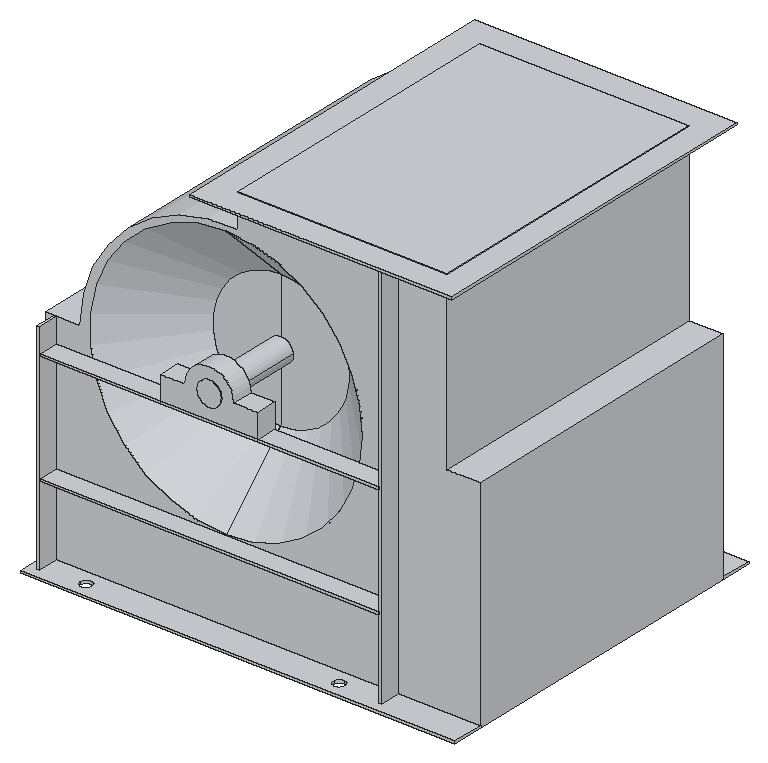
Revit family "CA_DWDI_CCW_UBD", category Mechanical Equipment, Revit 2019
Family settings
  Round Connector Dimension = Use Radius
  Part Type = Normal
  Work Plane-Based = No
  Always vertical = Yes
  Cut with Voids When Loaded = No
  Shared = No
  Room Calculation Point = No
Parameters (values of type "120_CA-DWDI_CCW_UBD_CLASS_1")
  X/2 = X / 2  # 0' - 10 31/32"
  X = 1' - 9 15/16"
  W/2 = W / 2  # 0' - 0 11/32"
  W = 0' - 0 11/16"
  V = 1' - 6"
  Unit Weight [instance] = ""
  U = 0' - 7 1/2"
  T = 0' - 9 31/32"
  Sones [instance] = ""
  S = 1' - 7 15/16"
  R/2 = R / 2  # 0' - 0 23/32"
  R+R = R + R  # 0' - 2 7/8"
  R = 0' - 1 7/16"
  P-N-M = P - N - M  # 0' - 1 1/4"
  P-N = -(P - N)  # -1' - 10 15/16"
  P = 2' - 4 11/16"
  N = 0' - 5 3/4"
  Motor RPM [instance] = ""
  Motor Enclosure [instance] = ""
  ModelID [instance] = ""
  M/2 = M / 2  # 0' - 10 27/32"
  M = 1' - 9 11/16"
  LwA [instance] = ""
  L = M / 2  # 0' - 10 27/32"
  K = 0' - 2"
  J = 0' - 10 11/16"
  INLET/2 = INLET / 2  # 0' - 8 1/16"
  INLET = 1' - 4 1/8"
  H = 2' - 1 3/4"
  G/5*3 = INLET / 2  # 0' - 8 1/16"
  G/10*3 = INLET / 4  # 0' - 4 1/32"
  G-2.5" = G - R  # 0' - 11 9/16"
  G-(G/5*3) = G - (INLET / 2)  # 0' - 4 15/16"
  G+((G/5*3)+2") = G + ((INLET / 2) + 0' 2")  # 1' - 11 1/16"
  G = 1' - 1"
  Fan RPM [instance] = ""
  F-.125" = F - 0' 0 1/8"  # 1' - 11 1/4"
  F-((D-A)/2) = F - ((D - A) / 2)  # 1' - 9 11/16"
  F = 1' - 11 3/8"
  E/2 = E / 2  # 0' - 10 17/32"
  E = 1' - 9 1/16"
  D/2 = D / 2  # 0' - 7 3/4"
  D = 1' - 3 1/2"
  B/2 = B / 2  # 0' - 8 27/32"
  B+.25" = B + 0' 0 1/4"  # 1' - 5 15/16"
  B = 1' - 5 11/16"
  Accessories [instance] = ""
  A/2 = A / 2  # 0' - 6 1/16"
  A+.25" = A + 0' 0 1/4"  # 1' - 0 3/8"
  A = 1' - 0 1/8"
  3" = 0' - 3"  # constant formula
  Brake Hp [instance] = ""
  4" = 0' - 4"  # constant formula
  2' = 2' - 0"
  2" = 0' - 2"  # constant formula
  1" = 0' - 1"  # constant formula
  0 = 0' - 0"  # constant formula
  Voltage [instance] = 0 V
  URL = "www.lorencook.com"
  Type Comments = "Airfoil Centrifugal Blower Counter-Clockwise Up Blast Arrangement 3 Class 1"
  Static Pressure [instance] = 0.00 in-wg
  Power [instance] = Voltage * Motor FLA * sqrt(if(Phase = 3, 3, 1))  # 0 VA
  Phase [instance] = 0
  Number of Poles [instance] = 1
  Motor Hp [instance] = "0"
  Motor FLA [instance] = 0 A
  Model = "CA DWDI"  # constant formula
  Manufacturer = "Loren Cook Company"
  CFM [instance] = 0 CFM
  1.5 = 0' - 1 1/2"  # constant formula
  ONE EIGTH = 0' - 0 1/8"  # constant formula
  -P = -P  # -2' - 4 11/16"
  -((B+.25")/2) = -((B + 0' 0 1/4") / 2)  # -0' - 8 31/32"
  (M-(B+.25"))/2 = (M - (B + 0' 0 1/4")) / 2  # 0' - 1 7/8"
  (G/5*3)+2" = (INLET / 2) + 0' 2"  # 0' - 10 1/16"
  (D-A-.25)/2 = (D - A - 0' 0 1/4") / 2  # 0' - 1 9/16"
  ((B+.25")/2) = ((B + 0' 0 1/4") / 2)  # 0' - 8 31/32"
Reference planes (in)
  plane 1 "Center (Front/Back)": y = 0
  plane 2: z = 0
  plane 3 "Center (Left/Right)": x = 0.40541
Forms (in)
  Extrusion 1, solid
    sketch origin (0, 0, 0) x (1, 0, 0) y (0, 0, 1)
      loop
        line (15.46791, 0) -> (15.46791, 13) -> (13.46791, 13) -> (13.46791, 23.375) -> (1.09291, 23.375) -> (1.09291, 21.375)
        arc (1.09291, 21.375) -> (-5.38554, 19.1923) -> (-8.28209, 13) r 8.69234
        line (-8.28209, 13) -> (-10.28209, 13) -> (-10.28209, 0) -> (15.46791, 0)
    from -8.96875 <- "-((B+.25")/2)" to 8.96875 <- "((B+.25")/2)"
  Revolve 2, void
    sketch origin (0.40541, 0, 0) x (0, 1, 0) y (0, 0, 1)
      loop
        line (8.96875, 21.0625) -> (4.9375, 17.03125) -> (4.9375, 13) -> (8.96875, 13) -> (8.96875, 21.0625)
      loop
        line (-8.96875, 21.0625) -> (-8.96875, 13) -> (-4.9375, 13) -> (-4.9375, 17.03125) -> (-8.96875, 21.0625)
      axis (8.96875, 13) -> (-8.96875, 13)
    angle from 0 to 360
  Extrusion 3, solid
    sketch origin (0, 0, 0) x (1, 0, 0) y (0, 1, 0)
      loop
        line (15.46791, 10.84375) -> (-10.28209, 10.84375) -> (-10.28209, 8.96875) -> (15.46791, 8.96875) -> (15.46791, 10.84375)
      loop
        line (-10.28209, -10.84375) -> (15.46791, -10.84375) -> (15.46791, -8.96875) -> (-10.28209, -8.96875) -> (-10.28209, -10.84375)
    from 0 to 0.125
  Extrusion 4, void
    sketch origin (0, 0, 0) x (1, 0, 0) y (0, 1, 0)
      loop
        circle (7.90541, 9.96875) r 0.34375
      loop
        circle (-7.09459, 9.96875) r 0.34375
      loop
        circle (-7.09459, -9.96875) r 0.34375
      loop
        circle (7.90541, -9.96875) r 0.34375
      loop
        circle (25.90541, 9.96875) r 0.34375
      loop
        circle (25.90541, -9.96875) r 0.34375
    from 0 to 0.125
  Extrusion 5, solid
    sketch origin (0, -10.21875, 0) x (1, 0, 0) y (0, 0, 1)
      loop
        circle (0.40541, 13) r 0.71875
    from 0 <- "0" to -28.6875 <- "-P"
  Extrusion 6, solid
    sketch origin (0, -8.96875, 0) x (1, 0, 0) y (0, 0, 1)
      loop
        line (10.46791, 23.25) -> (10.46791, 0) -> (10.59291, 0) -> (10.59291, 23.25) -> (10.46791, 23.25)
      loop
        line (-9.65709, 0) -> (-9.65709, 13) -> (-9.78209, 13) -> (-9.78209, 0) -> (-9.65709, 0)
    from 0 to 1.25 <- "P-N-M"
  Extrusion 7, solid
    sketch origin (0, -8.96875, 0) x (1, 0, 0) y (0, 0, 1)
      loop
        line (-9.65709, 4.9375) -> (-9.65709, 4.8125) -> (10.46791, 4.8125) -> (10.46791, 4.9375) -> (-9.65709, 4.9375)
      loop
        line (10.46791, 11.5625) -> (-9.65709, 11.5625) -> (-9.65709, 11.4375) -> (10.46791, 11.4375) -> (10.46791, 11.5625)
    from 0 to 1.25 <- "P-N-M"
  Extrusion 8, solid
    sketch origin (0, -8.96875, 0) x (1, 0, 0) y (0, 0, 1)
      loop
        arc (1.84291, 13) -> (0.40541, 14.4375) -> (-1.03209, 13) r 1.4375
        line (-1.03209, 13) -> (-2.46959, 13) -> (-2.46959, 11.5625) -> (3.28041, 11.5625) -> (3.28041, 13) -> (1.84291, 13)
    from 0 to 1.25 <- "P-N-M"
  Extrusion 9, solid
    sketch origin (0, 8.96875, 0) x (-1, 0, 0) y (0, 0, 1)
      loop
        line (-10.46791, 0.125) -> (-10.46791, 23.25) -> (-10.59291, 23.25) -> (-10.59291, 0.125) -> (-10.46791, 0.125)
      loop
        line (9.65709, 13) -> (9.65709, 0.125) -> (9.78209, 0.125) -> (9.78209, 13) -> (9.65709, 13)
    from 0 to 1.25 <- "P-N-M"
  Extrusion 10, solid
    sketch origin (0, 8.96875, 0) x (-1, 0, 0) y (0, 0, 1)
      loop
        line (9.65709, 11.5625) -> (-10.46791, 11.5625) -> (-10.46791, 11.4375) -> (9.65709, 11.4375) -> (9.65709, 11.5625)
      loop
        line (-10.46791, 4.9375) -> (-10.46791, 4.8125) -> (9.65709, 4.8125) -> (9.65709, 4.9375) -> (-10.46791, 4.9375)
    from 0 to 1.25 <- "P-N-M"
  Extrusion 11, solid
    sketch origin (0, 8.96875, 0) x (-1, 0, 0) y (0, 0, 1)
      loop
        arc (1.03209, 13) -> (-0.40541, 14.4375) -> (-1.84291, 13) r 1.4375
        line (-1.84291, 13) -> (-3.28041, 13) -> (-3.28041, 11.5625) -> (2.46959, 11.5625) -> (2.46959, 13) -> (1.03209, 13)
    from 0 to 1.25 <- "P-N-M"
  Extrusion 12, solid
    sketch origin (13.46791, 0, 23.375) x (-1, 0, 0) y (0, -1, 0)
      loop
        line (13.9375, -10.53125) -> (13.9375, 10.53125) -> (-1.5625, 10.53125) -> (-1.5625, -10.53125) -> (13.9375, -10.53125)
    from 0 to -0.125
Cuts and joins
  Revolve 2, Extrusion 4 cuts Extrusion 1
  Extrusion 4 cuts Extrusion 3
Dimensions and locks (in)
  "0": Extrusion 1 to Revolve 2 sketch curve
  "0": Revolve 2 sketch curve to Extrusion 1
  "G": level to Revolve 2 sketch curve
  "G": Revolve 2 sketch curve to level  (x2)
  "G/10*3": Revolve 2 sketch curve to Revolve 2 sketch curve  (x4)
  "0": cut or joined group of Extrusion 1, Revolve 2, Extrusion 4 to Extrusion 3 sketch curve  (x3)
  "0": Extrusion 3 sketch curve to cut or joined group of Extrusion 1, Revolve 2, Extrusion 4  (x3)
  "M/2": Extrusion 3 sketch curve to plane 1 "Center (Front/Back)"
  "M/2": plane 1 "Center (Front/Back)" to Extrusion 3 sketch curve
  "T": plane 1 "Center (Front/Back)" to Extrusion 4 sketch curve  (x3)
  "T": Extrusion 4 sketch curve to plane 1 "Center (Front/Back)"  (x3)
  "U": Extrusion 4 sketch curve to plane 3 "Center (Left/Right)"  (x2)
  "U": plane 3 "Center (Left/Right)" to Extrusion 4 sketch curve  (x2)
  "G": Extrusion 5 sketch curve to level
  "0": Extrusion 5 sketch curve to plane 3 "Center (Left/Right)"
  "0": Extrusion 6 sketch curve to level  (x2)
  "ONE EIGTH": Extrusion 6 sketch curve to Extrusion 6 sketch curve  (x2)
  "(G/5*3)+2"": Extrusion 6 sketch curve to plane 3 "Center (Left/Right)"
  "(G/5*3)+2"": plane 3 "Center (Left/Right)" to Extrusion 6 sketch curve
  "G": Extrusion 6 sketch curve to level
  "(G/5*3)+2"": Extrusion 7 sketch curve to plane 3 "Center (Left/Right)"  (x2)
  "(G/5*3)+2"": plane 3 "Center (Left/Right)" to Extrusion 7 sketch curve  (x2)
  "ONE EIGTH": Extrusion 7 sketch curve to Extrusion 7 sketch curve  (x2)
  "G-(G/5*3)": Extrusion 7 sketch curve to level
  "G-2.5"": Extrusion 7 sketch curve to level
  "R+R": plane 3 "Center (Left/Right)" to Extrusion 8 sketch curve
  "R+R": Extrusion 8 sketch curve to plane 3 "Center (Left/Right)"
  "0": Extrusion 8 sketch curve to plane 3 "Center (Left/Right)"
  "G": Extrusion 8 sketch curve to cut or joined group of Extrusion 3, Extrusion 4
  "0": Extrusion 8 sketch curve to Extrusion 8 sketch curve  (x2)
  "0": Extrusion 8 sketch curve to Extrusion 7
  "ONE EIGTH": level to Extrusion 9 sketch curve  (x2)
  "0": Extrusion 9 sketch curve to Extrusion 6
  "ONE EIGTH": Extrusion 9 sketch curve to Extrusion 9 sketch curve  (x2)
  "(G/5*3)+2"": Extrusion 9 sketch curve to plane 3 "Center (Left/Right)"
  "(G/5*3)+2"": plane 3 "Center (Left/Right)" to Extrusion 9 sketch curve
  "(G/5*3)+2"": Extrusion 10 sketch curve to plane 3 "Center (Left/Right)"  (x2)
  "(G/5*3)+2"": plane 3 "Center (Left/Right)" to Extrusion 10 sketch curve  (x2)
  "ONE EIGTH": Extrusion 10 sketch curve to Extrusion 10 sketch curve  (x2)
  "0": Extrusion 7 to Extrusion 10 sketch curve  (x2)
  "0": Extrusion 11 sketch curve to Extrusion 10
  "G": level to Extrusion 11 sketch curve  (x3)
  "R+R": plane 3 "Center (Left/Right)" to Extrusion 11 sketch curve
  "R+R": Extrusion 11 sketch curve to plane 3 "Center (Left/Right)"
  "0": Extrusion 11 sketch curve to plane 3 "Center (Left/Right)"
  "INLET/2": Revolve 2 sketch curve to Revolve 2 sketch curve  (x2)
  "F-.125"": Extrusion 6 sketch curve to level
  "H": Extrusion 1 sketch curve to Extrusion 1 sketch curve
  "G": Extrusion 1 sketch curve to level  (x2)
  "K": Extrusion 1 sketch curve to Extrusion 1 sketch curve  (x2)
  "0": Extrusion 1 sketch curve to level
  "J": Extrusion 1 sketch curve to plane 3 "Center (Left/Right)"
  "F": Extrusion 1 sketch curve to level
  "A+.25"": Extrusion 1 sketch curve to Extrusion 1 sketch curve
  "2"": Extrusion 1 sketch curve to Extrusion 1 sketch curve
  "0": Extrusion 1 sketch curve to plane 3 "Center (Left/Right)"
  "E/2": plane 1 "Center (Front/Back)" to Extrusion 12 sketch curve
  "E/2": Extrusion 12 sketch curve to plane 1 "Center (Front/Back)"
  "D": Extrusion 12 sketch curve to Extrusion 12 sketch curve
  "(D-A-.25)/2": Extrusion 12 sketch curve to cut or joined group of Extrusion 1, Revolve 2, Extrusion 4
  "V": Extrusion 4 sketch curve to Extrusion 4 sketch curve  (x2)
  "G": Extrusion 9 sketch curve to level
  "W/2": radius of Extrusion 4 sketch curve  (x6)
  "R/2": radius of Extrusion 5 sketch curve
  "R": radius of Extrusion 8 sketch curve
  "R": radius of Extrusion 11 sketch curve
Automatic sketch dimensions
  Extrusion 8 sketch curve to Extrusion 8 sketch curve = 0' - 0"
  plane 1 "Center (Front/Back)" to Revolve 2 sketch curve = 0' - 3.84814"
  Revolve 2 sketch curve to Revolve 2 sketch curve = 0' - 0"
Connectors (in)
  hvac at (7.28041, 0, 23.25), driven by "B", driven by "A"
    settings: on Extrusion 12, index 4, duct flow 0 CFM, flow factor 0, pres drop 0.00 in-wg, loss coef 0, conn angle 0.00°, conn width 12 1/8", conn height 17 11/16", conn diameter 24", duct sys type 29, conn prof type 1, flow config 0, flow direction 2, loss method 0, conn ref index -1, conn util no, is conn primary yes, conn desc ""
  hvac at (0.40541, 8.96875, 13), driven by "INLET/2"
    settings: on cut or joined group of Extrusion 1, Revolve 2, Extrusion 4, index 5, duct flow 0 CFM, flow factor 0, pres drop 0.00 in-wg, loss coef 0, conn angle 0.00°, conn width 12", conn height 12", conn diameter 16 1/8", duct sys type 29, conn prof type 0, flow config 0, flow direction 1, loss method 0, conn ref index -1, conn util no, is conn primary no, conn desc ""
  hvac at (0.40541, -8.96875, 13), driven by "INLET/2"
    settings: on cut or joined group of Extrusion 1, Revolve 2, Extrusion 4, index 6, duct flow 0 CFM, flow factor 0, pres drop 0.00 in-wg, loss coef 0, conn angle 0.00°, conn width 12", conn height 12", conn diameter 16 1/8", duct sys type 29, conn prof type 0, flow config 0, flow direction 1, loss method 0, conn ref index -1, conn util no, is conn primary no, conn desc ""
Types (61): name | X/2 | X | W/2 | W | V | U | T | S | R/2 | R+R | R | P-N-M | P-N | P | N | M/2 | M | L | K | J | INLET/2 | INLET | H | G/5*3 | G/10*3 | G-2.5" | G-(G/5*3) | G+((G/5*3)+2") | G | F-.125" | F-((D-A)/2) | F | E/2 | E | D/2 | D | B/2 | B+.25" | B | A/2 | A+.25" | A | Type Comments | -P | -((B+.25")/2) | (M-(B+.25"))/2 | (G/5*3)+2" | (D-A-.25)/2 | ((B+.25")/2)
  (no name) | 0' - 10 31/32" | 1' - 9 15/16" | 0' - 0 11/32" | 0' - 0 11/16" | 1' - 6" | 0' - 7 1/2" | 0' - 9 31/32" | 1' - 7 15/16" | 0' - 0 23/32" | 0' - 2 7/8" | 0' - 1 7/16" | 0' - 1 1/4" | -1' - 10 15/16" | 2' - 4 11/16" | 0' - 5 3/4" | 0' - 10 27/32" | 1' - 9 11/16" | 0' - 10 27/32" | 0' - 2" | 0' - 10 11/16" | 0' - 8 1/16" | 1' - 4 1/8" | 2' - 1 3/4" | 0' - 8 1/16" | 0' - 4 1/32" | 0' - 11 9/16" | 0' - 4 15/16" | 1' - 11 1/16" | 1' - 1" | 1' - 11 1/4" | 1' - 9 11/16" | 1' - 11 3/8" | 0' - 10 17/32" | 1' - 9 1/16" | 0' - 7 3/4" | 1' - 3 1/2" | 0' - 8 27/32" | 1' - 5 15/16" | 1' - 5 11/16" | 0' - 6 1/16" | 1' - 0 3/8" | 1' - 0 1/8" | "Airfoil Centrifugal Blower Counter-Clockwise Up Blast Arrangement 3 Class 1" | -2' - 4 11/16" | -0' - 8 31/32" | 0' - 1 7/8" | 0' - 10 1/16" | 0' - 1 9/16" | 0' - 8 31/32"
  120_CA-DWDI_CCW_UBD_CLASS_1 | 0' - 10 31/32" | 1' - 9 15/16" | 0' - 0 11/32" | 0' - 0 11/16" | 1' - 6" | 0' - 7 1/2" | 0' - 9 31/32" | 1' - 7 15/16" | 0' - 0 23/32" | 0' - 2 7/8" | 0' - 1 7/16" | 0' - 1 1/4" | -1' - 10 15/16" | 2' - 4 11/16" | 0' - 5 3/4" | 0' - 10 27/32" | 1' - 9 11/16" | 0' - 10 27/32" | 0' - 2" | 0' - 10 11/16" | 0' - 8 1/16" | 1' - 4 1/8" | 2' - 1 3/4" | 0' - 8 1/16" | 0' - 4 1/32" | 0' - 11 9/16" | 0' - 4 15/16" | 1' - 11 1/16" | 1' - 1" | 1' - 11 1/4" | 1' - 9 11/16" | 1' - 11 3/8" | 0' - 10 17/32" | 1' - 9 1/16" | 0' - 7 3/4" | 1' - 3 1/2" | 0' - 8 27/32" | 1' - 5 15/16" | 1' - 5 11/16" | 0' - 6 1/16" | 1' - 0 3/8" | 1' - 0 1/8" | "Airfoil Centrifugal Blower Counter-Clockwise Up Blast Arrangement 3 Class 1" | -2' - 4 11/16" | -0' - 8 31/32" | 0' - 1 7/8" | 0' - 10 1/16" | 0' - 1 9/16" | 0' - 8 31/32"
  135_CA-DWDI_CCW_UBD_CLASS_1 | 1' - 0 3/32" | 2' - 0 3/16" | 0' - 0 11/32" | 0' - 0 11/16" | 1' - 6" | 0' - 8 1/2" | 0' - 11 3/32" | 1' - 10 3/16" | 0' - 0 23/32" | 0' - 2 7/8" | 0' - 1 7/16" | 0' - 1 1/4" | -2' - 1 3/16" | 2' - 6 15/16" | 0' - 5 3/4" | 0' - 11 31/32" | 1' - 11 15/16" | 0' - 11 31/32" | 0' - 2" | 1' - 0 1/16" | 0' - 8 13/16" | 1' - 5 5/8" | 2' - 4 3/4" | 0' - 8 13/16" | 0' - 4 13/32" | 1' - 0 9/16" | 0' - 5 3/16" | 2' - 0 13/16" | 1' - 2" | 2' - 1 1/2" | 1' - 11 15/16" | 2' - 1 5/8" | 0' - 11 21/32" | 1' - 11 5/16" | 0' - 8 1/2" | 1' - 5" | 0' - 9 31/32" | 1' - 8 3/16" | 1' - 7 15/16" | 0' - 6 13/16" | 1' - 1 7/8" | 1' - 1 5/8" | "Airfoil Centrifugal Blower Counter-Clockwise Up Blast Arrangement 3 Class 1" | -2' - 6 15/16" | -0' - 10 3/32" | 0' - 1 7/8" | 0' - 10 13/16" | 0' - 1 9/16" | 0' - 10 3/32"
  150_CA-DWDI_CCW_UBD_CLASS_1 | 1' - 1 1/8" | 2' - 2 1/4" | 0' - 0 11/32" | 0' - 0 11/16" | 1' - 6" | 0' - 9" | 1' - 0 1/8" | 2' - 0 1/4" | 0' - 0 27/32" | 0' - 3 3/8" | 0' - 1 11/16" | 0' - 1 5/8" | -2' - 3 5/8" | 2' - 10 1/4" | 0' - 6 5/8" | 1' - 1" | 2' - 2" | 1' - 1" | 0' - 2" | 1' - 1 5/16" | 0' - 9 9/16" | 1' - 7 1/8" | 2' - 7 5/8" | 0' - 9 9/16" | 0' - 4 25/32" | 1' - 1 5/16" | 0' - 5 7/16" | 2' - 2 9/16" | 1' - 3" | 2' - 3 13/16" | 2' - 2 1/4" | 2' - 3 15/16" | 1' - 0 11/16" | 2' - 1 3/8" | 0' - 9 5/16" | 1' - 6 5/8" | 0' - 11" | 1' - 10 1/4" | 1' - 10" | 0' - 7 5/8" | 1' - 3 1/2" | 1' - 3 1/4" | "Airfoil Centrifugal Blower Counter-Clockwise Up Blast Arrangement 3 Class 1" | -2' - 10 1/4" | -0' - 11 1/8" | 0' - 1 7/8" | 0' - 11 9/16" | 0' - 1 9/16" | 0' - 11 1/8"
  165_CA-DWDI_CCW_UBD_CLASS_1 | 1' - 2 1/8" | 2' - 4 1/4" | 0' - 0 11/32" | 0' - 0 11/16" | 1' - 6" | 0' - 10" | 1' - 1 1/8" | 2' - 2 1/4" | 0' - 0 27/32" | 0' - 3 3/8" | 0' - 1 11/16" | 0' - 1 5/8" | -2' - 5 5/8" | 3' - 0 1/4" | 0' - 6 5/8" | 1' - 2" | 2' - 4" | 1' - 2" | 0' - 2" | 1' - 2 7/16" | 0' - 10 19/32" | 1' - 9 3/16" | 2' - 10 3/8" | 0' - 10 19/32" | 0' - 5 19/64" | 1' - 3 5/16" | 0' - 6 13/32" | 2' - 5 19/32" | 1' - 5" | 2' - 7 1/8" | 2' - 5 9/16" | 2' - 7 1/4" | 1' - 1 11/16" | 2' - 3 3/8" | 0' - 10 5/32" | 1' - 8 5/16" | 1' - 0" | 2' - 0 1/4" | 2' - 0" | 0' - 8 15/32" | 1' - 5 3/16" | 1' - 4 15/16" | "Airfoil Centrifugal Blower Counter-Clockwise Up Blast Arrangement 3 Class 1" | -3' - 0 1/4" | -1' - 0 1/8" | 0' - 1 7/8" | 1' - 0 19/32" | 0' - 1 9/16" | 1' - 0 1/8"
  180_CA-DWDI_CCW_UBD_CLASS_1 | 1' - 3 5/32" | 2' - 6 5/16" | 0' - 0 11/32" | 0' - 0 11/16" | 1' - 6" | 0' - 11" | 1' - 2 5/32" | 2' - 4 5/16" | 0' - 0 27/32" | 0' - 3 3/8" | 0' - 1 11/16" | 0' - 1 5/8" | -2' - 7 11/16" | 3' - 2 13/16" | 0' - 7 1/8" | 1' - 3 1/32" | 2' - 6 1/16" | 1' - 3 1/32" | 0' - 2" | 1' - 3 9/16" | 0' - 11 11/32" | 1' - 10 11/16" | 3' - 1 1/8" | 0' - 11 11/32" | 0' - 5 43/64" | 1' - 4 5/16" | 0' - 6 21/32" | 2' - 7 11/32" | 1' - 6" | 2' - 9 3/8" | 2' - 7 13/16" | 2' - 9 1/2" | 1' - 2 23/32" | 2' - 5 7/16" | 0' - 10 15/16" | 1' - 9 7/8" | 1' - 1 1/32" | 2' - 2 5/16" | 2' - 2 1/16" | 0' - 9 1/4" | 1' - 6 3/4" | 1' - 6 1/2" | "Airfoil Centrifugal Blower Counter-Clockwise Up Blast Arrangement 3 Class 1" | -3' - 2 13/16" | -1' - 1 5/32" | 0' - 1 7/8" | 1' - 1 11/32" | 0' - 1 9/16" | 1' - 1 5/32"
  195_CA-DWDI_CCW_UBD_CLASS_1 | 1' - 4 11/32" | 2' - 8 11/16" | 0' - 0 11/32" | 0' - 0 11/16" | 0' - 6" | 0' - 11 1/2" | 1' - 3 11/32" | 2' - 6 11/16" | 0' - 0 31/32" | 0' - 3 7/8" | 0' - 1 15/16" | 0' - 2" | -2' - 10 7/16" | 3' - 5 11/16" | 0' - 7 1/4" | 1' - 4 7/32" | 2' - 8 7/16" | 1' - 4 7/32" | 0' - 2" | 1' - 4 13/16" | 1' - 0 3/32" | 2' - 0 3/16" | 3' - 4" | 1' - 0 3/32" | 0' - 6 3/64" | 1' - 6 1/16" | 0' - 7 29/32" | 2' - 10 3/32" | 1' - 8" | 3' - 0 11/16" | 2' - 11 1/8" | 3' - 0 13/16" | 1' - 3 29/32" | 2' - 7 13/16" | 0' - 11 7/16" | 1' - 10 7/8" | 1' - 2 7/32" | 2' - 4 11/16" | 2' - 4 7/16" | 0' - 9 3/4" | 1' - 7 3/4" | 1' - 7 1/2" | "Airfoil Centrifugal Blower Counter-Clockwise Up Blast Arrangement 3 Class 1" | -3' - 5 11/16" | -1' - 2 11/32" | 0' - 1 7/8" | 1' - 2 3/32" | 0' - 1 9/16" | 1' - 2 11/32"
  210_CA-DWDI_CCW_UBD_CLASS_1 | 1' - 5 5/16" | 2' - 10 5/8" | 0' - 0 13/32" | 0' - 0 13/16" | 0' - 7" | 1' - 0" | 1' - 4 5/16" | 2' - 8 5/8" | 0' - 0 31/32" | 0' - 3 7/8" | 0' - 1 15/16" | 0' - 1 7/8" | -3' - 0 1/4" | 3' - 8 1/8" | 0' - 7 7/8" | 1' - 5 3/16" | 2' - 10 3/8" | 1' - 5 3/16" | 0' - 2" | 1' - 6" | 1' - 0 31/32" | 2' - 1 15/16" | 3' - 6 7/8" | 1' - 0 31/32" | 0' - 6 31/64" | 1' - 7 1/16" | 0' - 8 1/32" | 2' - 11 31/32" | 1' - 9" | 3' - 3" | 3' - 1 7/16" | 3' - 3 1/8" | 1' - 4 7/8" | 2' - 9 3/4" | 1' - 0 1/2" | 2' - 1" | 1' - 3 3/16" | 2' - 6 5/8" | 2' - 6 3/8" | 0' - 10 13/16" | 1' - 9 7/8" | 1' - 9 5/8" | "Airfoil Centrifugal Blower Counter-Clockwise Up Blast Arrangement 3 Class 1" | -3' - 8 1/8" | -1' - 3 5/16" | 0' - 1 7/8" | 1' - 2 31/32" | 0' - 1 9/16" | 1' - 3 5/16"
  225_CA-DWDI_CCW_UBD_CLASS_1 | 1' - 6 3/8" | 3' - 0 3/4" | 0' - 0 13/32" | 0' - 0 13/16" | 0' - 7 1/2" | 1' - 0 1/2" | 1' - 5 3/8" | 2' - 10 3/4" | 0' - 0 31/32" | 0' - 3 7/8" | 0' - 1 15/16" | 0' - 3 7/8" | -3' - 4 3/8" | 4' - 0 1/4" | 0' - 7 7/8" | 1' - 6 1/4" | 3' - 0 1/2" | 1' - 6 1/4" | 0' - 2" | 1' - 7 1/4" | 1' - 1 23/32" | 2' - 3 7/16" | 3' - 9 3/4" | 1' - 1 23/32" | 0' - 6 55/64" | 1' - 9 1/16" | 0' - 9 9/32" | 3' - 2 23/32" | 1' - 11" | 3' - 6 1/4" | 3' - 4 11/16" | 3' - 6 3/8" | 1' - 5 15/16" | 2' - 11 7/8" | 1' - 1 9/32" | 2' - 2 9/16" | 1' - 4 1/4" | 2' - 8 3/4" | 2' - 8 1/2" | 0' - 11 19/32" | 1' - 11 7/16" | 1' - 11 3/16" | "Airfoil Centrifugal Blower Counter-Clockwise Up Blast Arrangement 3 Class 1" | -4' - 0 1/4" | -1' - 4 3/8" | 0' - 1 7/8" | 1' - 3 23/32" | 0' - 1 9/16" | 1' - 4 3/8"
  245_CA-DWDI_CCW_UBD_CLASS_1 | 1' - 8 21/32" | 3' - 5 5/16" | 0' - 0 13/32" | 0' - 0 13/16" | 0' - 8" | 1' - 1 1/2" | 1' - 6 21/32" | 3' - 1 5/16" | 0' - 1 3/32" | 0' - 4 3/8" | 0' - 2 3/16" | 0' - 2 1/8" | -3' - 5 3/16" | 4' - 1 13/16" | 0' - 8 5/8" | 1' - 7 17/32" | 3' - 3 1/16" | 1' - 7 17/32" | 0' - 2" | 1' - 8 7/8" | 1' - 2 23/32" | 2' - 5 7/16" | 4' - 1 1/2" | 1' - 2 23/32" | 0' - 7 23/64" | 1' - 10 13/16" | 0' - 10 9/32" | 3' - 5 23/32" | 2' - 1" | 3' - 10" | 3' - 8 7/16" | 3' - 10 1/8" | 1' - 7 7/32" | 3' - 2 7/16" | 1' - 2 7/16" | 2' - 4 7/8" | 1' - 5 17/32" | 2' - 11 5/16" | 2' - 11 1/16" | 1' - 0 3/4" | 2' - 1 3/4" | 2' - 1 1/2" | "Airfoil Centrifugal Blower Counter-Clockwise Up Blast Arrangement 3 Class 1" | -4' - 1 13/16" | -1' - 5 21/32" | 0' - 1 7/8" | 1' - 4 23/32" | 0' - 1 9/16" | 1' - 5 21/32"
  270_CA-DWDI_CCW_UBD_CLASS_1 | 1' - 10 27/32" | 3' - 9 11/16" | 0' - 0 13/32" | 0' - 0 13/16" | 0' - 9" | 1' - 3" | 1' - 8 27/32" | 3' - 5 11/16" | 0' - 1 3/32" | 0' - 4 3/8" | 0' - 2 3/16" | 0' - 2 1/8" | -3' - 9 9/16" | 4' - 6 3/16" | 0' - 8 5/8" | 1' - 9 23/32" | 3' - 7 7/16" | 1' - 9 23/32" | 0' - 2" | 1' - 11 3/8" | 1' - 3 31/32" | 2' - 7 15/16" | 4' - 6 3/4" | 1' - 3 31/32" | 0' - 7 63/64" | 2' - 0 13/16" | 0' - 11 1/32" | 3' - 8 31/32" | 2' - 3" | 4' - 2 1/8" | 4' - 0 9/16" | 4' - 2 1/4" | 1' - 9 13/32" | 3' - 6 13/16" | 1' - 3 7/16" | 2' - 6 7/8" | 1' - 7 23/32" | 3' - 3 11/16" | 3' - 3 7/16" | 1' - 1 3/4" | 2' - 3 3/4" | 2' - 3 1/2" | "Airfoil Centrifugal Blower Counter-Clockwise Up Blast Arrangement 3 Class 1" | -4' - 6 3/16" | -1' - 7 27/32" | 0' - 1 7/8" | 1' - 5 31/32" | 0' - 1 9/16" | 1' - 7 27/32"
  300_CA-DWDI_CCW_UBD_CLASS_1 | 2' - 0 5/8" | 4' - 1 1/4" | 0' - 0 13/32" | 0' - 0 13/16" | 0' - 10" | 1' - 4 1/2" | 1' - 10 5/8" | 3' - 9 1/4" | 0' - 1 7/32" | 0' - 4 7/8" | 0' - 2 7/16" | 0' - 2 1/4" | -4' - 1 1/4" | 4' - 10 1/2" | 0' - 9 1/4" | 1' - 11 1/2" | 3' - 11" | 1' - 11 1/2" | 0' - 2" | 2' - 1 3/8" | 1' - 5 15/32" | 2' - 10 15/16" | 5' - 0" | 1' - 5 15/32" | 0' - 8 47/64" | 2' - 3 9/16" | 1' - 0 17/32" | 4' - 1 15/32" | 2' - 6" | 4' - 7 3/4" | 4' - 6 5/32" | 4' - 7 7/8" | 1' - 11 7/32" | 3' - 10 7/16" | 1' - 5 5/16" | 2' - 10 5/8" | 1' - 9 1/2" | 3' - 7 1/4" | 3' - 7" | 1' - 3 19/32" | 2' - 7 7/16" | 2' - 7 3/16" | "Airfoil Centrifugal Blower Counter-Clockwise Up Blast Arrangement 3 Class 1" | -4' - 10 1/2" | -1' - 9 5/8" | 0' - 1 7/8" | 1' - 7 15/32" | 0' - 1 19/32" | 1' - 9 5/8"
  330_CA-DWDI_CCW_UBD_CLASS_1 | 2' - 2 23/32" | 4' - 5 7/16" | 0' - 0 13/32" | 0' - 0 13/16" | 1' - 0" | 1' - 6" | 2' - 0 21/32" | 4' - 1 5/16" | 0' - 1 11/32" | 0' - 5 3/8" | 0' - 2 11/16" | 0' - 2 7/16" | -4' - 5 1/2" | 5' - 3 9/16" | 0' - 10 1/16" | 2' - 1 17/32" | 4' - 3 1/16" | 2' - 1 17/32" | 0' - 2" | 2' - 3 7/8" | 1' - 6 31/32" | 3' - 1 15/16" | 5' - 5 3/4" | 1' - 6 31/32" | 0' - 9 31/64" | 2' - 6 5/16" | 1' - 2 1/32" | 4' - 5 31/32" | 2' - 9" | 5' - 1 1/4" | 4' - 11 5/32" | 5' - 1 3/8" | 2' - 1 3/4" | 4' - 3 1/2" | 1' - 7 15/32" | 3' - 2 15/16" | 1' - 11 17/32" | 3' - 11 5/16" | 3' - 11 1/16" | 1' - 5 1/4" | 2' - 10 3/4" | 2' - 10 1/2" | "Airfoil Centrifugal Blower Counter-Clockwise Up Blast Arrangement 3 Class 1" | -5' - 3 9/16" | -1' - 11 21/32" | 0' - 1 7/8" | 1' - 8 31/32" | 0' - 2 3/32" | 1' - 11 21/32"
  365_CA-DWDI_CCW_UBD_CLASS_1 | 2' - 5 9/32" | 4' - 10 9/16" | 0' - 0 13/32" | 0' - 0 13/16" | 1' - 1" | 1' - 8" | 2' - 3 7/32" | 4' - 6 7/16" | 0' - 1 3/32" | 0' - 4 3/8" | 0' - 2 3/16" | 0' - 2 13/16" | -4' - 11" | 5' - 9 5/16" | 0' - 10 5/16" | 2' - 4 3/32" | 4' - 8 3/16" | 2' - 4 3/32" | 0' - 2" | 2' - 6 5/8" | 1' - 8 23/32" | 3' - 5 7/16" | 6' - 0 3/8" | 1' - 8 23/32" | 0' - 10 23/64" | 2' - 9 13/16" | 1' - 3 9/32" | 4' - 10 23/32" | 3' - 0" | 5' - 7 5/16" | 5' - 5 7/32" | 5' - 7 7/16" | 2' - 4 5/16" | 4' - 8 5/8" | 1' - 9 9/16" | 3' - 7 1/8" | 2' - 2 3/32" | 4' - 4 7/16" | 4' - 4 3/16" | 1' - 7 11/32" | 3' - 2 15/16" | 3' - 2 11/16" | "Airfoil Centrifugal Blower Counter-Clockwise Up Blast Arrangement 3 Class 1" | -5' - 9 5/16" | -2' - 2 7/32" | 0' - 1 7/8" | 1' - 10 23/32" | 0' - 2 3/32" | 2' - 2 7/32"
  402_CA-DWDI_CCW_UBD_CLASS_1 | 2' - 8 19/32" | 5' - 5 3/16" | 0' - 0 17/32" | 0' - 1 1/16" | 1' - 2" | 1' - 10" | 2' - 6 21/32" | 5' - 1 5/16" | 0' - 1 7/32" | 0' - 4 7/8" | 0' - 2 7/16" | 0' - 1 7/8" | -5' - 5 11/16" | 6' - 3 11/16" | 0' - 10" | 2' - 7 29/32" | 5' - 3 13/16" | 2' - 7 29/32" | 0' - 3" | 2' - 9 5/8" | 1' - 10 19/32" | 3' - 9 3/16" | 6' - 8 3/8" | 1' - 10 19/32" | 0' - 11 19/64" | 3' - 1 9/16" | 1' - 5 13/32" | 5' - 4 19/32" | 3' - 4" | 6' - 2 9/16" | 6' - 0 15/32" | 6' - 2 11/16" | 2' - 7 1/8" | 5' - 2 1/4" | 1' - 11 3/32" | 3' - 10 3/16" | 2' - 4 29/32" | 4' - 10 1/16" | 4' - 9 13/16" | 1' - 8 7/8" | 3' - 6" | 3' - 5 3/4" | "Airfoil Centrifugal Blower Counter-Clockwise Up Blast Arrangement 3 Class 1" | -6' - 3 11/16" | -2' - 5 1/32" | 0' - 2 7/8" | 2' - 0 19/32" | 0' - 2 3/32" | 2' - 5 1/32"
  445_CA-DWDI_CCW_UBD_CLASS_1 | 2' - 11 13/16" | 5' - 11 5/8" | 0' - 0 17/32" | 0' - 1 1/16" | 1' - 4" | 2' - 0" | 2' - 9 7/8" | 5' - 7 3/4" | 0' - 1 7/32" | 0' - 4 7/8" | 0' - 2 7/16" | 0' - 1 3/4" | -6' - 0" | 6' - 10 5/8" | 0' - 10 5/8" | 2' - 11 1/8" | 5' - 10 1/4" | 2' - 11 1/8" | 0' - 3" | 3' - 1 1/8" | 2' - 0 23/32" | 4' - 1 7/16" | 7' - 4 1/2" | 2' - 0 23/32" | 1' - 0 23/64" | 3' - 5 9/16" | 1' - 7 9/32" | 5' - 10 23/32" | 3' - 8" | 6' - 10 3/16" | 6' - 8 3/32" | 6' - 10 5/16" | 2' - 10 11/32" | 5' - 8 11/16" | 2' - 1 3/16" | 4' - 2 3/8" | 2' - 8 1/8" | 5' - 4 1/2" | 5' - 4 1/4" | 1' - 10 31/32" | 3' - 10 3/16" | 3' - 9 15/16" | "Airfoil Centrifugal Blower Counter-Clockwise Up Blast Arrangement 3 Class 1" | -6' - 10 5/8" | -2' - 8 1/4" | 0' - 2 7/8" | 2' - 2 23/32" | 0' - 2 3/32" | 2' - 8 1/4"
  490_CA-DWDI_CCW_UBD_CLASS_1 | 3' - 2 3/4" | 6' - 5 1/2" | 0' - 0 17/32" | 0' - 1 1/16" | 1' - 6" | 2' - 2 1/2" | 3' - 0 13/16" | 6' - 1 5/8" | 0' - 1 15/32" | 0' - 5 7/8" | 0' - 2 15/16" | 0' - 1 7/8" | -6' - 6" | 7' - 5 1/2" | 0' - 11 1/2" | 3' - 2 1/16" | 6' - 4 1/8" | 3' - 2 1/16" | 0' - 3" | 3' - 4 3/4" | 2' - 3 1/2" | 4' - 7" | 8' - 1" | 2' - 3 1/2" | 1' - 1 3/4" | 3' - 9 1/16" | 1' - 8 1/2" | 6' - 5 1/2" | 4' - 0" | 7' - 6 1/16" | 7' - 3 31/32" | 7' - 6 3/16" | 3' - 1 9/32" | 6' - 2 9/16" | 2' - 3 23/32" | 4' - 7 7/16" | 2' - 11 1/16" | 5' - 10 3/8" | 5' - 10 1/8" | 2' - 1 1/2" | 4' - 3 1/4" | 4' - 3" | "Airfoil Centrifugal Blower Counter-Clockwise Up Blast Arrangement 3 Class 1" | -7' - 5 1/2" | -2' - 11 3/16" | 0' - 2 7/8" | 2' - 5 1/2" | 0' - 2 3/32" | 2' - 11 3/16"
  540_CA-DWDI_CCW_UBD_CLASS_1 | 3' - 8 5/32" | 7' - 4 5/16" | 0' - 0 17/32" | 0' - 1 1/16" | 1' - 8" | 2' - 5" | 3' - 4 23/32" | 6' - 9 7/16" | 0' - 1 23/32" | 0' - 6 7/8" | 0' - 3 7/16" | 0' - 1 15/16" | -7' - 1 7/8" | 8' - 2 5/16" | 1' - 0 7/16" | 3' - 5 31/32" | 6' - 11 15/16" | 3' - 5 31/32" | 0' - 3" | 3' - 8 7/8" | 2' - 6" | 5' - 0" | 8' - 10 5/8" | 2' - 6" | 1' - 3" | 4' - 1 9/16" | 1' - 11" | 7' - 1" | 4' - 5" | 8' - 3 3/8" | 8' - 1 9/32" | 8' - 3 1/2" | 3' - 5 3/16" | 6' - 10 3/8" | 2' - 6 3/32" | 5' - 0 3/16" | 3' - 2 31/32" | 6' - 6 3/16" | 6' - 5 15/16" | 2' - 3 7/8" | 4' - 8" | 4' - 7 3/4" | "Airfoil Centrifugal Blower Counter-Clockwise Up Blast Arrangement 3 Class 1" | -8' - 2 5/16" | -3' - 3 3/32" | 0' - 2 7/8" | 2' - 8" | 0' - 2 3/32" | 3' - 3 3/32"
  600_CA-DWDI_CCW_UBD_CLASS_1 | 4' - 0 5/16" | 8' - 0 5/8" | 0' - 0 17/32" | 0' - 1 1/16" | 1' - 10" | 2' - 8" | 3' - 8 7/8" | 7' - 5 3/4" | 0' - 1 23/32" | 0' - 6 7/8" | 0' - 3 7/16" | 0' - 2 1/4" | -7' - 10 1/2" | 8' - 11 1/2" | 1' - 1" | 3' - 10 1/8" | 7' - 8 1/4" | 3' - 10 1/8" | 0' - 3" | 4' - 1 3/4" | 2' - 9" | 5' - 6" | 9' - 10" | 2' - 9" | 1' - 4 1/2" | 4' - 7 9/16" | 2' - 2" | 7' - 10" | 4' - 11" | 9' - 2 9/16" | 9' - 0 15/32" | 9' - 2 11/16" | 3' - 9 11/32" | 7' - 6 11/16" | 2' - 9 5/16" | 5' - 6 5/8" | 3' - 7 1/8" | 7' - 2 1/2" | 7' - 2 1/4" | 2' - 7 3/32" | 5' - 2 7/16" | 5' - 2 3/16" | "Airfoil Centrifugal Blower Counter-Clockwise Up Blast Arrangement 3 Class 1" | -8' - 11 1/2" | -3' - 7 1/4" | 0' - 2 7/8" | 2' - 11" | 0' - 2 3/32" | 3' - 7 1/4"
  660_CA-DWDI_CCW_UBD_CLASS_1 | 4' - 4 5/8" | 8' - 9 1/4" | 0' - 0 17/32" | 0' - 1 1/16" | 2' - 1" | 2' - 11" | 4' - 1 3/16" | 8' - 2 3/8" | 0' - 1 31/32" | 0' - 7 7/8" | 0' - 3 15/16" | 0' - 2 3/16" | -8' - 7 1/16" | 9' - 9 7/8" | 1' - 2 13/16" | 4' - 2 7/16" | 8' - 4 7/8" | 4' - 2 7/16" | 0' - 3" | 4' - 6 5/8" | 3' - 0" | 6' - 0" | 10' - 9 3/8" | 3' - 0" | 1' - 6" | 5' - 1 1/16" | 2' - 5" | 8' - 7" | 5' - 5" | 10' - 1 3/4" | 9' - 11 21/32" | 10' - 1 7/8" | 4' - 1 21/32" | 8' - 3 5/16" | 3' - 0 7/16" | 6' - 0 7/8" | 3' - 11 7/16" | 7' - 11 1/8" | 7' - 10 7/8" | 2' - 10 7/32" | 5' - 8 11/16" | 5' - 8 7/16" | "Airfoil Centrifugal Blower Counter-Clockwise Up Blast Arrangement 3 Class 1" | -9' - 9 7/8" | -3' - 11 9/16" | 0' - 2 7/8" | 3' - 2" | 0' - 2 3/32" | 3' - 11 9/16"
  730 _CA-DWDI_CCW_UBD_CLASS_1 | 4' - 9 9/16" | 9' - 7 1/8" | 0' - 0 17/32" | 0' - 1 1/16" | 2' - 4" | 3' - 2 1/2" | 4' - 6 1/8" | 9' - 0 1/4" | 0' - 2 7/32" | 0' - 8 7/8" | 0' - 4 7/16" | 0' - 2 3/16" | -9' - 4 15/16" | 10' - 9 1/4" | 1' - 4 5/16" | 4' - 7 3/8" | 9' - 2 3/4" | 4' - 7 3/8" | 0' - 3" | 5' - 0 1/4" | 3' - 3 1/2" | 6' - 7" | 11' - 10 5/8" | 3' - 3 1/2" | 1' - 7 3/4" | 5' - 7 9/16" | 2' - 8 1/2" | 9' - 5 1/2" | 6' - 0" | 11' - 2 3/4" | 11' - 0 21/32" | 11' - 2 7/8" | 4' - 6 19/32" | 9' - 1 3/16" | 3' - 4 1/8" | 6' - 8 1/4" | 4' - 4 3/8" | 8' - 9" | 8' - 8 3/4" | 3' - 1 29/32" | 6' - 4 1/16" | 6' - 3 13/16" | "Airfoil Centrifugal Blower Counter-Clockwise Up Blast Arrangement 3 Class 1" | -10' - 9 1/4" | -4' - 4 1/2" | 0' - 2 7/8" | 3' - 5 1/2" | 0' - 2 3/32" | 4' - 4 1/2"
  120_CA-DWDI_CCW_UBD_CLASS_2 | 0' - 10 31/32" | 1' - 9 15/16" | 0' - 0 11/32" | 0' - 0 11/16" | 1' - 6" | 0' - 7 1/2" | 0' - 9 31/32" | 1' - 7 15/16" | 0' - 0 27/32" | 0' - 3 3/8" | 0' - 1 11/16" | 0' - 1 5/8" | -1' - 11 5/16" | 2' - 5 7/16" | 0' - 6 1/8" | 0' - 10 27/32" | 1' - 9 11/16" | 0' - 10 27/32" | 0' - 2" | 0' - 10 11/16" | 0' - 8 1/16" | 1' - 4 1/8" | 2' - 1 3/4" | 0' - 8 1/16" | 0' - 4 1/32" | 0' - 11 5/16" | 0' - 4 15/16" | 1' - 11 1/16" | 1' - 1" | 1' - 11 1/4" | 1' - 9 11/16" | 1' - 11 3/8" | 0' - 10 17/32" | 1' - 9 1/16" | 0' - 7 3/4" | 1' - 3 1/2" | 0' - 8 27/32" | 1' - 5 15/16" | 1' - 5 11/16" | 0' - 6 1/16" | 1' - 0 3/8" | 1' - 0 1/8" | "Airfoil Centrifugal Blower Counter-Clockwise Up Blast Arrangement 3 Class 2" | -2' - 5 7/16" | -0' - 8 31/32" | 0' - 1 7/8" | 0' - 10 1/16" | 0' - 1 9/16" | 0' - 8 31/32"
  120_CA-DWDI_CCW_UBD_CLASS_3 | 0' - 10 31/32" | 1' - 9 15/16" | 0' - 0 11/32" | 0' - 0 11/16" | 1' - 6" | 0' - 7 1/2" | 0' - 9 31/32" | 1' - 7 15/16" | 0' - 0 31/32" | 0' - 3 7/8" | 0' - 1 15/16" | 0' - 1 7/8" | -1' - 11 9/16" | 2' - 5 15/16" | 0' - 6 3/8" | 0' - 10 27/32" | 1' - 9 11/16" | 0' - 10 27/32" | 0' - 2" | 0' - 10 11/16" | 0' - 8 1/16" | 1' - 4 1/8" | 2' - 1 3/4" | 0' - 8 1/16" | 0' - 4 1/32" | 0' - 11 1/16" | 0' - 4 15/16" | 1' - 11 1/16" | 1' - 1" | 1' - 11 1/4" | 1' - 9 11/16" | 1' - 11 3/8" | 0' - 10 17/32" | 1' - 9 1/16" | 0' - 7 3/4" | 1' - 3 1/2" | 0' - 8 27/32" | 1' - 5 15/16" | 1' - 5 11/16" | 0' - 6 1/16" | 1' - 0 3/8" | 1' - 0 1/8" | "Airfoil Centrifugal Blower Counter-Clockwise Up Blast Arrangement 3 Class 3" | -2' - 5 15/16" | -0' - 8 31/32" | 0' - 1 7/8" | 0' - 10 1/16" | 0' - 1 9/16" | 0' - 8 31/32"
  135_CA-DWDI_CCW_UBD_CLASS_2 | 1' - 0 3/32" | 2' - 0 3/16" | 0' - 0 11/32" | 0' - 0 11/16" | 1' - 6" | 0' - 8 1/2" | 0' - 11 3/32" | 1' - 10 3/16" | 0' - 0 27/32" | 0' - 3 3/8" | 0' - 1 11/16" | 0' - 1 5/8" | -2' - 1 9/16" | 2' - 7 11/16" | 0' - 6 1/8" | 0' - 11 31/32" | 1' - 11 15/16" | 0' - 11 31/32" | 0' - 2" | 1' - 0 1/16" | 0' - 8 13/16" | 1' - 5 5/8" | 2' - 4 3/4" | 0' - 8 13/16" | 0' - 4 13/32" | 1' - 0 5/16" | 0' - 5 3/16" | 2' - 0 13/16" | 1' - 2" | 2' - 1 1/2" | 1' - 11 15/16" | 2' - 1 5/8" | 0' - 11 21/32" | 1' - 11 5/16" | 0' - 8 1/2" | 1' - 5" | 0' - 9 31/32" | 1' - 8 3/16" | 1' - 7 15/16" | 0' - 6 13/16" | 1' - 1 7/8" | 1' - 1 5/8" | "Airfoil Centrifugal Blower Counter-Clockwise Up Blast Arrangement 3 Class 2" | -2' - 7 11/16" | -0' - 10 3/32" | 0' - 1 7/8" | 0' - 10 13/16" | 0' - 1 9/16" | 0' - 10 3/32"
  135_CA-DWDI_CCW_UBD_CLASS_3 | 1' - 0 3/32" | 2' - 0 3/16" | 0' - 0 11/32" | 0' - 0 11/16" | 1' - 6" | 0' - 8 1/2" | 0' - 11 3/32" | 1' - 10 3/16" | 0' - 1 3/32" | 0' - 4 3/8" | 0' - 2 3/16" | 0' - 2 1/8" | -2' - 2 1/16" | 2' - 8 11/16" | 0' - 6 5/8" | 0' - 11 31/32" | 1' - 11 15/16" | 0' - 11 31/32" | 0' - 2" | 1' - 0 1/16" | 0' - 8 13/16" | 1' - 5 5/8" | 2' - 4 3/4" | 0' - 8 13/16" | 0' - 4 13/32" | 0' - 11 13/16" | 0' - 5 3/16" | 2' - 0 13/16" | 1' - 2" | 2' - 1 1/2" | 1' - 11 15/16" | 2' - 1 5/8" | 0' - 11 21/32" | 1' - 11 5/16" | 0' - 8 1/2" | 1' - 5" | 0' - 9 31/32" | 1' - 8 3/16" | 1' - 7 15/16" | 0' - 6 13/16" | 1' - 1 7/8" | 1' - 1 5/8" | "Airfoil Centrifugal Blower Counter-Clockwise Up Blast Arrangement 3 Class 3" | -2' - 8 11/16" | -0' - 10 3/32" | 0' - 1 7/8" | 0' - 10 13/16" | 0' - 1 9/16" | 0' - 10 3/32"
  150_CA-DWDI_CCW_UBD_CLASS_2 | 1' - 1 1/8" | 2' - 2 1/4" | 0' - 0 11/32" | 0' - 0 11/16" | 1' - 6" | 0' - 9" | 1' - 0 1/8" | 2' - 0 1/4" | 0' - 0 31/32" | 0' - 3 7/8" | 0' - 1 15/16" | 0' - 1 7/8" | -2' - 3 7/8" | 2' - 10 3/4" | 0' - 6 7/8" | 1' - 1" | 2' - 2" | 1' - 1" | 0' - 2" | 1' - 1 5/16" | 0' - 9 9/16" | 1' - 7 1/8" | 2' - 7 5/8" | 0' - 9 9/16" | 0' - 4 25/32" | 1' - 1 1/16" | 0' - 5 7/16" | 2' - 2 9/16" | 1' - 3" | 2' - 3 13/16" | 2' - 2 1/4" | 2' - 3 15/16" | 1' - 0 11/16" | 2' - 1 3/8" | 0' - 9 5/16" | 1' - 6 5/8" | 0' - 11" | 1' - 10 1/4" | 1' - 10" | 0' - 7 5/8" | 1' - 3 1/2" | 1' - 3 1/4" | "Airfoil Centrifugal Blower Counter-Clockwise Up Blast Arrangement 3 Class 2" | -2' - 10 3/4" | -0' - 11 1/8" | 0' - 1 7/8" | 0' - 11 9/16" | 0' - 1 9/16" | 0' - 11 1/8"
  150_CA-DWDI_CCW_UBD_CLASS_3 | 1' - 1 1/8" | 2' - 2 1/4" | 0' - 0 11/32" | 0' - 0 11/16" | 1' - 6" | 0' - 9" | 1' - 0 1/8" | 2' - 0 1/4" | 0' - 1 7/32" | 0' - 4 7/8" | 0' - 2 7/16" | 0' - 2 1/4" | -2' - 4 1/4" | 2' - 11 1/2" | 0' - 7 1/4" | 1' - 1" | 2' - 2" | 1' - 1" | 0' - 2" | 1' - 1 5/16" | 0' - 9 9/16" | 1' - 7 1/8" | 2' - 7 5/8" | 0' - 9 9/16" | 0' - 4 25/32" | 1' - 0 9/16" | 0' - 5 7/16" | 2' - 2 9/16" | 1' - 3" | 2' - 3 13/16" | 2' - 2 1/4" | 2' - 3 15/16" | 1' - 0 11/16" | 2' - 1 3/8" | 0' - 9 5/16" | 1' - 6 5/8" | 0' - 11" | 1' - 10 1/4" | 1' - 10" | 0' - 7 5/8" | 1' - 3 1/2" | 1' - 3 1/4" | "Airfoil Centrifugal Blower Counter-Clockwise Up Blast Arrangement 3 Class 3" | -2' - 11 1/2" | -0' - 11 1/8" | 0' - 1 7/8" | 0' - 11 9/16" | 0' - 1 9/16" | 0' - 11 1/8"
  165_CA-DWDI_CCW_UBD_CLASS_2 | 1' - 2 1/8" | 2' - 4 1/4" | 0' - 0 11/32" | 0' - 0 11/16" | 1' - 6" | 0' - 10" | 1' - 1 1/8" | 2' - 2 1/4" | 0' - 0 31/32" | 0' - 3 7/8" | 0' - 1 15/16" | 0' - 1 7/8" | -2' - 5 7/8" | 3' - 0 3/4" | 0' - 6 7/8" | 1' - 2" | 2' - 4" | 1' - 2" | 0' - 2" | 1' - 2 7/16" | 0' - 10 19/32" | 1' - 9 3/16" | 2' - 10 3/8" | 0' - 10 19/32" | 0' - 5 19/64" | 1' - 3 1/16" | 0' - 6 13/32" | 2' - 5 19/32" | 1' - 5" | 2' - 7 1/8" | 2' - 5 9/16" | 2' - 7 1/4" | 1' - 1 11/16" | 2' - 3 3/8" | 0' - 10 5/32" | 1' - 8 5/16" | 1' - 0" | 2' - 0 1/4" | 2' - 0" | 0' - 8 15/32" | 1' - 5 3/16" | 1' - 4 15/16" | "Airfoil Centrifugal Blower Counter-Clockwise Up Blast Arrangement 3 Class 2" | -3' - 0 3/4" | -1' - 0 1/8" | 0' - 1 7/8" | 1' - 0 19/32" | 0' - 1 9/16" | 1' - 0 1/8"
  165_CA-DWDI_CCW_UBD_CLASS_3 | 1' - 2 1/8" | 2' - 4 1/4" | 0' - 0 11/32" | 0' - 0 11/16" | 1' - 6" | 0' - 10" | 1' - 1 1/8" | 2' - 2 1/4" | 0' - 1 7/32" | 0' - 4 7/8" | 0' - 2 7/16" | 0' - 2 5/16" | -2' - 6 5/16" | 3' - 1 1/2" | 0' - 7 3/16" | 1' - 2" | 2' - 4" | 1' - 2" | 0' - 2" | 1' - 2 7/16" | 0' - 10 19/32" | 1' - 9 3/16" | 2' - 10 3/8" | 0' - 10 19/32" | 0' - 5 19/64" | 1' - 2 9/16" | 0' - 6 13/32" | 2' - 5 19/32" | 1' - 5" | 2' - 7 1/8" | 2' - 5 9/16" | 2' - 7 1/4" | 1' - 1 11/16" | 2' - 3 3/8" | 0' - 10 5/32" | 1' - 8 5/16" | 1' - 0" | 2' - 0 1/4" | 2' - 0" | 0' - 8 15/32" | 1' - 5 3/16" | 1' - 4 15/16" | "Airfoil Centrifugal Blower Counter-Clockwise Up Blast Arrangement 3 Class 3" | -3' - 1 1/2" | -1' - 0 1/8" | 0' - 1 7/8" | 1' - 0 19/32" | 0' - 1 9/16" | 1' - 0 1/8"
  180_CA-DWDI_CCW_UBD_CLASS_2 | 1' - 3 5/32" | 2' - 6 5/16" | 0' - 0 11/32" | 0' - 0 11/16" | 1' - 6" | 0' - 11" | 1' - 2 5/32" | 2' - 4 5/16" | 0' - 0 31/32" | 0' - 3 7/8" | 0' - 1 15/16" | 0' - 1 7/8" | -2' - 7 15/16" | 3' - 3 5/16" | 0' - 7 3/8" | 1' - 3 1/32" | 2' - 6 1/16" | 1' - 3 1/32" | 0' - 2" | 1' - 3 9/16" | 0' - 11 11/32" | 1' - 10 11/16" | 3' - 1 1/8" | 0' - 11 11/32" | 0' - 5 43/64" | 1' - 4 1/16" | 0' - 6 21/32" | 2' - 7 11/32" | 1' - 6" | 2' - 9 3/8" | 2' - 7 13/16" | 2' - 9 1/2" | 1' - 2 23/32" | 2' - 5 7/16" | 0' - 10 15/16" | 1' - 9 7/8" | 1' - 1 1/32" | 2' - 2 5/16" | 2' - 2 1/16" | 0' - 9 1/4" | 1' - 6 3/4" | 1' - 6 1/2" | "Airfoil Centrifugal Blower Counter-Clockwise Up Blast Arrangement 3 Class 2" | -3' - 3 5/16" | -1' - 1 5/32" | 0' - 1 7/8" | 1' - 1 11/32" | 0' - 1 9/16" | 1' - 1 5/32"
  180_CA-DWDI_CCW_UBD_CLASS_3 | 1' - 3 5/32" | 2' - 6 5/16" | 0' - 0 11/32" | 0' - 0 11/16" | 1' - 6" | 0' - 11" | 1' - 2 5/32" | 2' - 4 5/16" | 0' - 1 7/32" | 0' - 4 7/8" | 0' - 2 7/16" | 0' - 2 1/4" | -2' - 8 5/16" | 3' - 4 1/16" | 0' - 7 3/4" | 1' - 3 1/32" | 2' - 6 1/16" | 1' - 3 1/32" | 0' - 2" | 1' - 3 9/16" | 0' - 11 11/32" | 1' - 10 11/16" | 3' - 1 1/8" | 0' - 11 11/32" | 0' - 5 43/64" | 1' - 3 9/16" | 0' - 6 21/32" | 2' - 7 11/32" | 1' - 6" | 2' - 9 3/8" | 2' - 7 13/16" | 2' - 9 1/2" | 1' - 2 23/32" | 2' - 5 7/16" | 0' - 10 15/16" | 1' - 9 7/8" | 1' - 1 1/32" | 2' - 2 5/16" | 2' - 2 1/16" | 0' - 9 1/4" | 1' - 6 3/4" | 1' - 6 1/2" | "Airfoil Centrifugal Blower Counter-Clockwise Up Blast Arrangement 3 Class 3" | -3' - 4 1/16" | -1' - 1 5/32" | 0' - 1 7/8" | 1' - 1 11/32" | 0' - 1 9/16" | 1' - 1 5/32"
  195_CA-DWDI_CCW_UBD_CLASS_2 | 1' - 4 11/32" | 2' - 8 11/16" | 0' - 0 11/32" | 0' - 0 11/16" | 0' - 6" | 0' - 11 1/2" | 1' - 3 11/32" | 2' - 6 11/16" | 0' - 1 3/32" | 0' - 4 3/8" | 0' - 2 3/16" | 0' - 2 1/8" | -2' - 10 9/16" | 3' - 6 3/16" | 0' - 7 5/8" | 1' - 4 7/32" | 2' - 8 7/16" | 1' - 4 7/32" | 0' - 2" | 1' - 4 13/16" | 1' - 0 3/32" | 2' - 0 3/16" | 3' - 4" | 1' - 0 3/32" | 0' - 6 3/64" | 1' - 5 13/16" | 0' - 7 29/32" | 2' - 10 3/32" | 1' - 8" | 3' - 0 11/16" | 2' - 11 1/8" | 3' - 0 13/16" | 1' - 3 29/32" | 2' - 7 13/16" | 0' - 11 7/16" | 1' - 10 7/8" | 1' - 2 7/32" | 2' - 4 11/16" | 2' - 4 7/16" | 0' - 9 3/4" | 1' - 7 3/4" | 1' - 7 1/2" | "Airfoil Centrifugal Blower Counter-Clockwise Up Blast Arrangement 3 Class 2" | -3' - 6 3/16" | -1' - 2 11/32" | 0' - 1 7/8" | 1' - 2 3/32" | 0' - 1 9/16" | 1' - 2 11/32"
  195_CA-DWDI_CCW_UBD_CLASS_3 | 1' - 4 11/32" | 2' - 8 11/16" | 0' - 0 11/32" | 0' - 0 11/16" | 0' - 6" | 0' - 11 1/2" | 1' - 3 11/32" | 2' - 6 11/16" | 0' - 1 11/32" | 0' - 5 3/8" | 0' - 2 11/16" | 0' - 2 1/2" | -2' - 10 15/16" | 3' - 6 15/16" | 0' - 8" | 1' - 4 7/32" | 2' - 8 7/16" | 1' - 4 7/32" | 0' - 2" | 1' - 4 13/16" | 1' - 0 3/32" | 2' - 0 3/16" | 3' - 4" | 1' - 0 3/32" | 0' - 6 3/64" | 1' - 5 5/16" | 0' - 7 29/32" | 2' - 10 3/32" | 1' - 8" | 3' - 0 11/16" | 2' - 11 1/8" | 3' - 0 13/16" | 1' - 3 29/32" | 2' - 7 13/16" | 0' - 11 7/16" | 1' - 10 7/8" | 1' - 2 7/32" | 2' - 4 11/16" | 2' - 4 7/16" | 0' - 9 3/4" | 1' - 7 3/4" | 1' - 7 1/2" | "Airfoil Centrifugal Blower Counter-Clockwise Up Blast Arrangement 3 Class 3" | -3' - 6 15/16" | -1' - 2 11/32" | 0' - 1 7/8" | 1' - 2 3/32" | 0' - 1 9/16" | 1' - 2 11/32"
  210_CA-DWDI_CCW_UBD_CLASS_2 | 1' - 5 5/16" | 2' - 10 5/8" | 0' - 0 13/32" | 0' - 0 13/16" | 0' - 7" | 1' - 0" | 1' - 4 5/16" | 2' - 8 5/8" | 0' - 1 3/32" | 0' - 4 3/8" | 0' - 2 3/16" | 0' - 2 1/8" | -3' - 0 1/2" | 3' - 8 5/8" | 0' - 8 1/8" | 1' - 5 3/16" | 2' - 10 3/8" | 1' - 5 3/16" | 0' - 2" | 1' - 6" | 1' - 0 31/32" | 2' - 1 15/16" | 3' - 6 7/8" | 1' - 0 31/32" | 0' - 6 31/64" | 1' - 6 13/16" | 0' - 8 1/32" | 2' - 11 31/32" | 1' - 9" | 3' - 3" | 3' - 1 7/16" | 3' - 3 1/8" | 1' - 4 7/8" | 2' - 9 3/4" | 1' - 0 1/2" | 2' - 1" | 1' - 3 3/16" | 2' - 6 5/8" | 2' - 6 3/8" | 0' - 10 13/16" | 1' - 9 7/8" | 1' - 9 5/8" | "Airfoil Centrifugal Blower Counter-Clockwise Up Blast Arrangement 3 Class 2" | -3' - 8 5/8" | -1' - 3 5/16" | 0' - 1 7/8" | 1' - 2 31/32" | 0' - 1 9/16" | 1' - 3 5/16"
  210_CA-DWDI_CCW_UBD_CLASS_3 | 1' - 5 5/16" | 2' - 10 5/8" | 0' - 0 13/32" | 0' - 0 13/16" | 0' - 7" | 1' - 0" | 1' - 4 5/16" | 2' - 8 5/8" | 0' - 1 11/32" | 0' - 5 3/8" | 0' - 2 11/16" | 0' - 2 1/2" | -3' - 0 7/8" | 3' - 9 3/8" | 0' - 8 1/2" | 1' - 5 3/16" | 2' - 10 3/8" | 1' - 5 3/16" | 0' - 2" | 1' - 6" | 1' - 0 31/32" | 2' - 1 15/16" | 3' - 6 7/8" | 1' - 0 31/32" | 0' - 6 31/64" | 1' - 6 5/16" | 0' - 8 1/32" | 2' - 11 31/32" | 1' - 9" | 3' - 3" | 3' - 1 7/16" | 3' - 3 1/8" | 1' - 4 7/8" | 2' - 9 3/4" | 1' - 0 1/2" | 2' - 1" | 1' - 3 3/16" | 2' - 6 5/8" | 2' - 6 3/8" | 0' - 10 13/16" | 1' - 9 7/8" | 1' - 9 5/8" | "Airfoil Centrifugal Blower Counter-Clockwise Up Blast Arrangement 3 Class 3" | -3' - 9 3/8" | -1' - 3 5/16" | 0' - 1 7/8" | 1' - 2 31/32" | 0' - 1 9/16" | 1' - 3 5/16"
  225_CA-DWDI_CCW_UBD_CLASS_2 | 1' - 6 3/8" | 3' - 0 3/4" | 0' - 0 13/32" | 0' - 0 13/16" | 0' - 7 1/2" | 1' - 0 1/2" | 1' - 5 3/8" | 2' - 10 3/4" | 0' - 1 7/32" | 0' - 4 7/8" | 0' - 2 7/16" | 0' - 2 1/4" | -3' - 2 3/4" | 3' - 11" | 0' - 8 1/4" | 1' - 6 1/4" | 3' - 0 1/2" | 1' - 6 1/4" | 0' - 2" | 1' - 7 1/4" | 1' - 1 23/32" | 2' - 3 7/16" | 3' - 9 3/4" | 1' - 1 23/32" | 0' - 6 55/64" | 1' - 8 9/16" | 0' - 9 9/32" | 3' - 2 23/32" | 1' - 11" | 3' - 6 1/4" | 3' - 4 11/16" | 3' - 6 3/8" | 1' - 5 15/16" | 2' - 11 7/8" | 1' - 1 9/32" | 2' - 2 9/16" | 1' - 4 1/4" | 2' - 8 3/4" | 2' - 8 1/2" | 0' - 11 19/32" | 1' - 11 7/16" | 1' - 11 3/16" | "Airfoil Centrifugal Blower Counter-Clockwise Up Blast Arrangement 3 Class 2" | -3' - 11" | -1' - 4 3/8" | 0' - 1 7/8" | 1' - 3 23/32" | 0' - 1 9/16" | 1' - 4 3/8"
  225_CA-DWDI_CCW_UBD_CLASS_3 | 1' - 6 3/8" | 3' - 0 3/4" | 0' - 0 13/32" | 0' - 0 13/16" | 0' - 7 1/2" | 1' - 0 1/2" | 1' - 5 3/8" | 2' - 10 3/4" | 0' - 1 15/32" | 0' - 5 7/8" | 0' - 2 15/16" | 0' - 2 1/2" | -3' - 3" | 3' - 11 1/2" | 0' - 8 1/2" | 1' - 6 1/4" | 3' - 0 1/2" | 1' - 6 1/4" | 0' - 2" | 1' - 7 1/4" | 1' - 1 23/32" | 2' - 3 7/16" | 3' - 9 3/4" | 1' - 1 23/32" | 0' - 6 55/64" | 1' - 8 1/16" | 0' - 9 9/32" | 3' - 2 23/32" | 1' - 11" | 3' - 6 1/4" | 3' - 4 11/16" | 3' - 6 3/8" | 1' - 5 15/16" | 2' - 11 7/8" | 1' - 1 9/32" | 2' - 2 9/16" | 1' - 4 1/4" | 2' - 8 3/4" | 2' - 8 1/2" | 0' - 11 19/32" | 1' - 11 7/16" | 1' - 11 3/16" | "Airfoil Centrifugal Blower Counter-Clockwise Up Blast Arrangement 3 Class 3" | -3' - 11 1/2" | -1' - 4 3/8" | 0' - 1 7/8" | 1' - 3 23/32" | 0' - 1 9/16" | 1' - 4 3/8"
